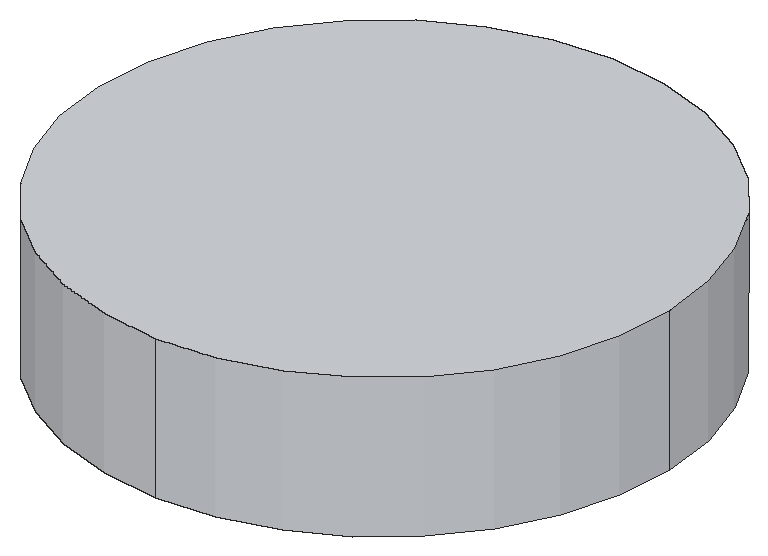
Revit family "b525695fc11942b3878196b4d8ca7fff", category Mechanical Equipment, host Face, Revit 2021
Family settings
  Host = Face
  Round Connector Dimension = Use Radius
  Part Type = Normal
  OmniClass Number = 23.65.00.00
  OmniClass Title = Supply and Distribution of Liquids and Gases
  Seek Item ID = Pipe Connector - Domestic Hot Water - Mechanical Equipment-0000-USA-ENU
  Cut with Voids When Loaded = No
  Shared = No
  Room Calculation Point = No
Parameters (values of type "Standard")
  Thickness [instance] = 0' - 1"
  Nominal Radius [instance] = 2"
  Flow [instance] = 10 GPM
  Nominal Diameter [instance] = Nominal Radius * 2  # 4"
  Default Elevation = 0' - 0"
  Assembly Code = ""
Reference planes (in)
  plane 1 "Center (Front/Back)": y = 0
  plane 2: z = 0
  plane 3 "Center (Left/Right)": x = 0
Forms (in)
  Sweep 1, solid
    path in 3D
      loop
        line (0, 0, 0) -> (0, 0, 1)
    profile "Duct - Round : Duct - Round" origin (0, 0, 0.5) x (0, -1, 0) y (1, 0, 0)
      loop
        arc (-2, 0) -> (-1.41421, -1.41421) -> (0, -2) r 2
        arc (0, -2) -> (1.41421, -1.41421) -> (2, 0) r 2
        arc (2, 0) -> (1.41421, 1.41421) -> (0, 2) r 2
        arc (0, 2) -> (-1.41421, 1.41421) -> (-2, 0) r 2
Lines and regions (in)
  reference lines
    curve 1: line (0, 0, 0) -> (0, 0, 1)
  sketch lines
    curve 2: line (0, 0, 0) -> (0, 0, 1)
Dimensions and locks (in)
  "Thickness": curve 1 to curve 1
  aligned and locked: plane 2 to host face
  aligned and locked: level to host face
  aligned and locked: host face to curve 1
  aligned and locked: curve 1 to plane 1 "Center (Front/Back)"
Automatic sketch dimensions
  host sketch curve to host sketch curve = 8' - 0"  (x2)
Connectors (in)
  piping at (0, 0, 1), diameter 4, driven by "Flow", driven by "Nominal Radius"
    settings: on Sweep 1, index 1, connector inside diameter 4", connector length 0' - 0", flow factor 0, pipe flow 10 GPM, pressure drop 0.00 psi, fitting loss kfactor 0, connector angle 0.00°, fixture units 0, engagement length 0' - 0", angle of deflection 0.00°, flow configuration 1, flow direction 1, fitting loss method 0, system type 19, joint type 0, gender type 0, connector reference index -1, connector utility 0, adjustable connector no, is connector primary yes, connector description ""
